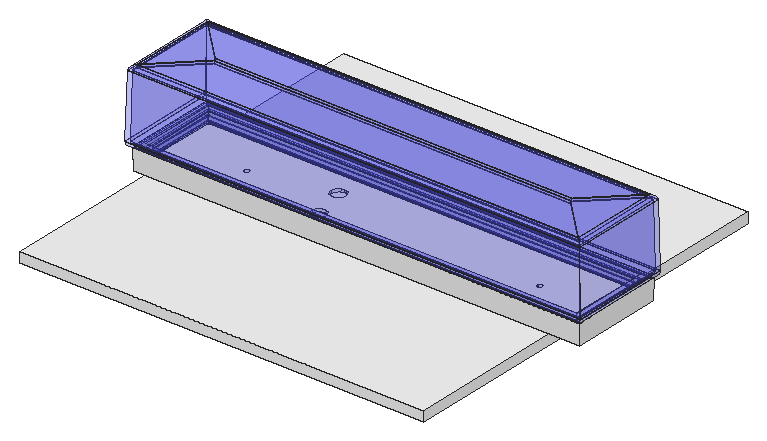
Revit family "BE_50497_de_DE", category Leuchten, Revit 2020
Family settings
  Basisbauteil = Fläche
  Bemaßung runder Anschluss = Durchmesser verwenden
  Teiletyp = Normal
  Beim Laden mit Abzugskörper schneiden = Ja
  Lichtquelle = Ja
  Gemeinsam genutzt = Nein
  Raumberechnungspunkt = Ja
Parameters (values of type "BEGA_50497_K3")
  built-in parameter 1150104 = 15.581 (stored number, unit not read)
  Wattage = 19.2 W
  Default Elevation = 0 mm
  built-in parameter 1150113 = 1 (stored number, unit not read)
  built-in parameter 1114218 = 1 (stored number, unit not read)
  Umgebungstemperatur = "25 °C"
  URL = "https://www.bega.com/de/produkt/50497"
  Typenkommentare = "© 2022 BEGA. Wir behalten uns das Recht vor, technische Änderungen ohne vorherige Ankündigung vorzunehmen."  # constant formula
  built-in parameter 1150134 = (empty or 0)
  built-in parameter 1150109 = 1 (stored number, unit not read)
  Strom = ""
  built-in parameter 1150110 = 1 (stored number, unit not read)
  Spannung = 239.996 V
  Sonderanfertigung = no
  Seriennummer [instance] = "Hier können Sie die eindeutige Seriennummer für das Facility Management eintragen."
  Schutzklasse = "I"
  Schutzart = "IP 44"
  Scheinlast = 0 VA
  Produktdatenblatt = "https://cdn.bega.com/bega/products/50497K27/current/documents/data-sheets/de"
  Oberflächentemperatur = ""
  Neigungswinkel = 0.00°
  Modell = "50497K3"
  Material_34 = BEGA_Oberfläche_Samtweiss_matt
  Material_11 = BEGA_Glas_opal
  M_W = no
  M_G = no
  M_A = no
  Logo = 0
  built-in parameter 1114217 = 1 (stored number, unit not read)
  built-in parameter 1150139 = (empty or 0)
  built-in parameter 1150105 = 3220 (stored number, unit not read)
  built-in parameter 1150114 = 1 (stored number, unit not read)
  Lumens = 3220.03 lm
  built-in parameter 1150115 = 1 (stored number, unit not read)
  Leuchtenlichtstrom = "2086 lm"
  Leuchtenanzahl = ""
  Lebensdauerkriterien = "L70B50 @ 25 °C = 200000 h"
  Lastklassifizierung = Beleuchtung
  built-in parameter 1150112 = 1 (stored number, unit not read)
  Lampenlichtstrom = "3220 lm"
  Lampe = "LED 19.2 W"
  LED_Modulbezeichnung = "2x LED-0574/930"
  Hersteller = "BEGA"  # constant formula
  Halbstreuwinkel = ""
  Gewicht = "1.9 kg"
  Gebrauchslageneinschränkung [instance] = ""
  Frequenz = "0/50-60 Hz"
  Farbwiedergabeindex = "CRI > 90"
  Farbtemperaturverschiebung bei Dämpfen der Lampe = <Keine Auswahl>
  Farbtemperatur = "3000 K"
  Color Filter = 16777215
  built-in parameter 1150133 = 10 (stored number, unit not read)
  Energieeffizienzklasse = "LED A++ - A"
  built-in parameter 1150137 = (empty or 0)
  built-in parameter 1150132 = (empty or 0)
  ENEC = "ja"
  Dimmbar [instance] = "DALI"
  Datei für fotometrisches Netz = "BE_50497K3.IES"
  CE_Konformität = "ja"
  Bestellnummer = "50497K3"
  Beschreibung_Sonderanfertigung = "Hier können Sie Informationen zur Sonderanfertigung eintragen."
  Beschreibung = "Decken- und Wandleuchte"
  built-in parameter 1150106 = 32.2 (stored number, unit not read)
  Befestigungsbohrung = "Ø 5 mm"
  Befestigungsabstand = "290 mm"
  Ballwurfsicher = ""
  BEGA_Intern_aus = yes
  BEGA_Intern_an = yes
  BEGA_Intern_Konstruktion = yes
  BEGA_Intern = yes
  BEGA_IES = yes
  BEGA_Dummy = no
  Anschlussleitung = ""
  Anschlussleistung [instance] = "21.4 W"
  Anschlusskasten = ""
  built-in parameter 1150107 = 3000 (stored number, unit not read)
  built-in parameter 1150102 = (empty or 0)
  built-in parameter 1150138 = (empty or 0)
  Aktualisierung = "2022-11-03T04:00:04"
  Abstand_zur_angestrahlten_Fläche [instance] = ""
  AC/DC = "AC/DC"
Types (2, lengths in mm): name | built-in parameter 1150104 | Modell | built-in parameter 1150105 | Lumens | Leuchtenlichtstrom | Lampenlichtstrom | LED_Modulbezeichnung | Farbtemperatur | Datei für fotometrisches Netz | Bestellnummer | built-in parameter 1150106 | built-in parameter 1150107
  BEGA_50497_K27 | 15.048 (stored number, unit not read) | "50497K27" | 247.49 (stored number, unit not read) | 3110.02 lm | "2014 lm" | "3110 lm" | "2x LED-0574/927" | "2700 K" | "BE_50497K27.ies" | "50497K27" | 2.4749 (stored number, unit not read) | 2700 (stored number, unit not read)
  BEGA_50497_K3 | 15.581 (stored number, unit not read) | "50497K3" | 3220 (stored number, unit not read) | 3220.03 lm | "2086 lm" | "3220 lm" | "2x LED-0574/930" | "3000 K" | "BE_50497K3.IES" | "50497K3" | 32.2 (stored number, unit not read) | 3000 (stored number, unit not read)
Reference planes
  plane 1 "Mitte (Vorne/Hinten)": y = 0
  plane 2: z = 0
  plane 3 "Mitte (Links/Rechts)": x = 0
  plane 4 "Links": x = -215.66
  plane 5 "Rechts": x = 234.359
  plane 6 "Unten": y = -50.027
  plane 7 "Oben": y = 50.027
  plane 8 "Vorne": z = 93.981
  plane 9 "Hinten": z = 0
Forms (mm)
  Extrusion 1, solid, material "BEGA_Platte_Weiss"
    sketch origin (0, -1119.2, 0) x (1, 0, 0) y (0, 1, 0)
      loop
        line (-200, 1319.2) -> (-200, 919.2) -> (200, 919.2) -> (200, 1319.2) -> (-200, 1319.2)
    from 0 to -10
  Extrusion 2, solid, material "BEGA_Dummy_matt", visible <- "BEGA_Dummy"
    sketch origin (80.095, -76.023, 0) x (1, 0, 0) y (0, 1, 0)
      loop
        line (-295.755, 126.05) -> (-295.755, 25.996) -> (154.263, 25.996) -> (154.263, 126.05) -> (-295.755, 126.05)
    from 0 to 93.981
Dimensions and locks
  plane 1 "Mitte (Vorne/Hinten)" to Extrusion 1 = 200 mm
  aligned and locked: plane 2 to Extrusion 1
  aligned and locked: level to Extrusion 1
Nested families
  nested 1: "BE_50497_Leuchte" at (9.349, 0, 0), type "BE_50497_Leuchte"
Connectors
  electrical at (0, 0, 0), driven by "Lastklassifizierung", driven by "Spannung", driven by "Scheinlast"
    settings: index 1, voltage 239.996 V, apparent load 0 VA, apparent load phase1 0 VA, apparent load phase2 0 VA, apparent load phase3 0 VA, power factor 1, load classification "Beleuchtung", number of poles 1, system type 31, power factor state 1, is connector primary yes, connector utility no, sub classification motor no, connector description ""
Definition of nested family "BE_50497_Leuchte"
  Parameters (values of type "BE_50497_Leuchte")
    Default Elevation = 1 mm
    URL = "http://www.bega.de/de/produkt"
    Type Comments = "© 2015 BEGA. Wir behalten uns das Recht vor, technische Änderungen ohne vorherige Ankündigung vorzunehmen. "  # constant formula
    Type Image = (empty or 0)
    Material_34 = none
    Material_11 = none
    Länge_Platte = 200 mm  # constant formula
    Höhe_Platte = -10 mm  # constant formula
    Manufacturer = "BEGA"  # constant formula
    Breite_Platte = 200 mm  # constant formula
  Reference planes
    plane 1 "Mitte (Oben/Unten)": y = 0
    plane 2: z = 0
    plane 3 "Mitte (Links/Rechts)": x = 0
    plane 4: z = 93.981
    plane 5: z = 0
    plane 6: x = 225.009
    plane 7: z = 93.981
    plane 8: x = -225.009
    plane 9: y = 50.027
    plane 10: y = -50.027
  Forms (mm)
    Extrusion 1, solid, detail levels medium
      sketch origin (0, 0, 0) x (1, 0, 0) y (0, 1, 0)
        loop
          line (-100, 100) -> (-100, -100) -> (100, -100) -> (100, 100) -> (-100, 100)
      from 0 to -10 <- "Höhe_Platte"
    Sweep 2, solid, material <- "Material_11"
      path origin (0, 0, 0) x (1, 0, 0) y (0, 1, 0)
        loop
          line (-220.8, -45.8) -> (220.8, -45.8) -> (220.8, 45.8) -> (-220.8, 45.8) -> (-220.8, -45.8)
      profile origin (-220.8, 0, 0) x (-1, 0, 0) y (0, 0, 1)
        loop
          line (-44.281, 93.981) -> (-44.281, 90.981) -> (-2.09, 90.737)
          arc (-2.09, 90.737) -> (-0.691, 90.166) -> (-0.091, 88.779) r 2
          line (-0.091, 88.779) -> (1.222, 26.063)
          arc (1.222, 26.063) -> (0.366, 23.901) -> (-1.777, 23) r 3
          line (-1.777, 23) -> (-7.246, 23) -> (-10.8, 20.511) -> (-10.8, 11.698) -> (-7.8, 10.894) -> (-7.8, 8) -> (-4.8, 8) -> (-4.8, 12.429)
          arc (-4.8, 12.429) -> (-5.005, 13.036) -> (-5.536, 13.393) r 1
          line (-5.536, 13.393) -> (-7.8, 14) -> (-7.8, 18.95) -> (-6.3, 20) -> (-1.777, 20)
          arc (-1.777, 20) -> (2.51, 21.802) -> (4.222, 26.126) r 6
          line (4.222, 26.126) -> (2.908, 88.837)
          arc (2.908, 88.837) -> (1.426, 92.291) -> (-2.042, 93.737) r 5
          line (-2.042, 93.737) -> (-44.281, 93.981)
    Extrusion 3, solid, material <- "Material_11"
      sketch origin (0, 0, 0) x (0, 1, 0) y (0, 0, 1)
        loop
          line (1.519, 93.981) -> (-1.519, 93.981) -> (-1.519, 90.981) -> (1.519, 90.981) -> (1.519, 93.981)
      from -176.519 to 176.519
    Sweep 4, solid, material <- "Material_34"
      path origin (0, 0, 0) x (1, 0, 0) y (0, 1, 0)
        loop
          line (-220.8, -45.8) -> (220.8, -45.8) -> (220.8, 45.8) -> (-220.8, 45.8) -> (-220.8, -45.8)
      profile origin (-220.8, 0, 0) x (-1, 0, 0) y (0, 0, 1)
        loop
          line (-1.777, 20) -> (-2.027, 6.983)
          arc (-2.027, 6.983) -> (-2.326, 6.287) -> (-3.027, 6) r 1
          line (-3.027, 6) -> (-45.284, 6.052) -> (-45.284, 4) -> (-3.097, 4)
          arc (-3.097, 4) -> (-2.384, 3.701) -> (-2.097, 2.983) r 1
          line (-2.097, 2.983) -> (-2.149, 0) -> (-0.349, 0) -> (0, 20) -> (-1.777, 20)
    Extrusion 5, solid, material <- "Material_34"
      sketch origin (0, 0, 0) x (0, 1, 0) y (0, 0, 1)
        loop
          line (0.516, 5.998) -> (-0.516, 5.996) -> (-0.516, 4) -> (0.516, 4) -> (0.516, 5.998)
      from -175.516 to 175.516
    Extrusion 6, solid, material <- "Material_34"
      sketch origin (0, 0, 0) x (0, 1, 0) y (0, 0, 1)
        loop
          line (0.516, 6) -> (-0.516, 6) -> (-0.516, 4) -> (0.516, 4) -> (0.516, 6)
      from -175.516 to 175.516
    Extrusion 7, void
      sketch origin (0, 0, 0) x (1, 0, 0) y (0, 1, 0)
        loop
          circle (-67.8, 17) r 7.197
        loop
          circle (-60, -17) r 7.197
        loop
          circle (145, 0) r 2.5
        loop
          circle (-145, 0) r 2.5
      from 4 to 8
  Cuts and joins
    Extrusion 7 cuts Sweep 2
    Extrusion 7 cuts Extrusion 3
    joined: Sweep 2, Extrusion 3
    Extrusion 7 cuts Sweep 4
    Extrusion 7 cuts Extrusion 5
    Extrusion 7 cuts Extrusion 6
    joined: Sweep 4, Extrusion 5, Extrusion 6
  Dimensions and locks
    equal spacing: Extrusion 1 sketch curve, plane 3 "Mitte (Links/Rechts)", Extrusion 1 sketch curve
    equal spacing: Extrusion 1 sketch curve, plane 1 "Mitte (Oben/Unten)", Extrusion 1 sketch curve
    "Länge_Platte": Extrusion 1 sketch curve to Extrusion 1 sketch curve
    "Breite_Platte": Extrusion 1 sketch curve to Extrusion 1 sketch curve
    plane 1 "Mitte (Oben/Unten)" to Extrusion 1 = 100 mm  (x3)
    aligned and locked: plane 2 to Extrusion 1
    aligned and locked: level to Extrusion 1
  Automatic sketch dimensions
    Sweep 2 sketch curve to plane 3 "Mitte (Links/Rechts)" = 220.8 mm
    plane 1 "Mitte (Oben/Unten)" to Sweep 2 sketch curve = 45.8 mm
    plane 3 "Mitte (Links/Rechts)" to Sweep 2 sketch curve = 220.8 mm
    Sweep 2 sketch curve to plane 1 "Mitte (Oben/Unten)" = 45.8 mm
    Sweep 2 sketch curve to Sweep 2 sketch curve = 3 mm  (x5)
    profile plane to Sweep 2 sketch curve = 44.281 mm
    profile plane to Sweep 2 sketch curve = 2.042 mm
    profile plane to Sweep 2 sketch curve = 2.091 mm
    Sweep 2 sketch curve to Sweep 2 sketch curve = 5 mm
    Sweep 2 sketch curve to profile plane = 2.908 mm
    Sweep 2 sketch curve to profile plane = 4.222 mm
    level to Sweep 2 sketch curve = 26.126 mm
    Sweep 2 sketch curve to Sweep 2 sketch curve = 0.001 mm
    profile plane to Sweep 2 sketch curve = 0.091 mm
    Sweep 2 sketch curve to Sweep 2 sketch curve = 0 mm  (x7)
    Sweep 2 sketch curve to profile plane = 1.222 mm
    Sweep 2 sketch curve to Sweep 2 sketch curve = 0.063 mm  (x2)
    Sweep 2 sketch curve to Sweep 2 sketch curve = 62.674 mm
    Sweep 2 sketch curve to Sweep 2 sketch curve = 0.042 mm
    Sweep 2 sketch curve to Sweep 2 sketch curve = 0.244 mm
    Sweep 2 sketch curve to Sweep 2 sketch curve = 5.469 mm
    profile plane to Sweep 2 sketch curve = 1.777 mm
    Sweep 2 sketch curve to Sweep 2 sketch curve = 0.946 mm
    Sweep 2 sketch curve to Sweep 2 sketch curve = 1.5 mm
    Sweep 2 sketch curve to Sweep 2 sketch curve = 1.05 mm
    Sweep 2 sketch curve to Sweep 2 sketch curve = 1.562 mm
    Sweep 2 sketch curve to Sweep 2 sketch curve = 7.252 mm
    Sweep 2 sketch curve to Sweep 2 sketch curve = 2.302 mm
    Sweep 2 sketch curve to Sweep 2 sketch curve = 2 mm
    Sweep 2 sketch curve to Sweep 2 sketch curve = 0.264 mm
    Sweep 2 sketch curve to Sweep 2 sketch curve = 1.571 mm
    Sweep 2 sketch curve to Sweep 2 sketch curve = 0.965 mm
    Sweep 2 sketch curve to Sweep 2 sketch curve = 0.804 mm
    Sweep 2 sketch curve to Sweep 2 sketch curve = 2.894 mm
    Extrusion 3 sketch curve to plane 1 "Mitte (Oben/Unten)" = 1.519 mm
    level to Extrusion 3 sketch curve = 93.981 mm
    plane 1 "Mitte (Oben/Unten)" to Extrusion 3 sketch curve = 1.519 mm
    Extrusion 3 sketch curve to Extrusion 3 sketch curve = 3 mm
    Sweep 4 sketch curve to plane 3 "Mitte (Links/Rechts)" = 220.8 mm
    Sweep 4 sketch curve to plane 1 "Mitte (Oben/Unten)" = 45.8 mm
    plane 3 "Mitte (Links/Rechts)" to Sweep 4 sketch curve = 220.8 mm
    plane 1 "Mitte (Oben/Unten)" to Sweep 4 sketch curve = 45.8 mm
    Sweep 4 sketch curve to level = 0 mm
    level to Sweep 4 sketch curve = 4 mm
    profile plane to Sweep 4 sketch curve = 45.284 mm
    profile plane to Sweep 4 sketch curve = 3.097 mm
    Sweep 4 sketch curve to Sweep 4 sketch curve = 0.07 mm
    profile plane to Sweep 4 sketch curve = 2.149 mm
    profile plane to Sweep 4 sketch curve = 1.777 mm
    profile plane to Sweep 4 sketch curve = 0.349 mm
    Sweep 4 sketch curve to profile plane = 0 mm
    Sweep 4 sketch curve to Sweep 4 sketch curve = 1 mm  (x4)
    Sweep 4 sketch curve to Sweep 4 sketch curve = 2 mm
    Sweep 4 sketch curve to Sweep 4 sketch curve = 2.052 mm
    Sweep 4 sketch curve to Sweep 4 sketch curve = 13 mm
    Sweep 4 sketch curve to Sweep 4 sketch curve = 0 mm  (x4)
    level to Extrusion 5 sketch curve = 5.996 mm
    Extrusion 5 sketch curve to plane 1 "Mitte (Oben/Unten)" = 0.516 mm
    level to Extrusion 5 sketch curve = 4 mm
    Extrusion 5 sketch curve to Extrusion 5 sketch curve = 1.998 mm
    plane 1 "Mitte (Oben/Unten)" to Extrusion 5 sketch curve = 0.516 mm
    plane 1 "Mitte (Oben/Unten)" to Extrusion 6 sketch curve = 0.516 mm
    Extrusion 6 sketch curve to plane 1 "Mitte (Oben/Unten)" = 0.516 mm
    level to Extrusion 6 sketch curve = 4 mm
    Extrusion 6 sketch curve to Extrusion 6 sketch curve = 2 mm
    Extrusion 7 sketch curve to plane 1 "Mitte (Oben/Unten)" = 17 mm
    Extrusion 7 sketch curve to plane 3 "Mitte (Links/Rechts)" = 67.8 mm
    plane 1 "Mitte (Oben/Unten)" to Extrusion 7 sketch curve = 17 mm
    Extrusion 7 sketch curve to Extrusion 7 sketch curve = 7.8 mm
    plane 1 "Mitte (Oben/Unten)" to Extrusion 7 sketch curve = 0 mm
    plane 3 "Mitte (Links/Rechts)" to Extrusion 7 sketch curve = 145 mm
    radius of Extrusion 7 sketch curve = 7.197 mm  (x2)
    radius of Extrusion 7 sketch curve = 2.5 mm
